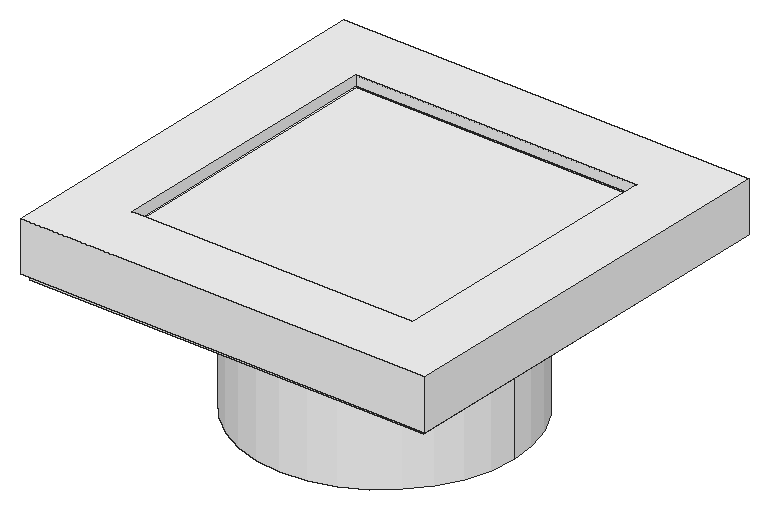
Revit family "Gira_284403", category Electrical Fixtures, host Face, Revit 2017
Family settings
  Host = Face
  Maintain Annotation Orientation = Yes
  Round Connector Dimension = Use Diameter
  Part Type = Normal
  Cut with Voids When Loaded = No
  Shared = No
  Room Calculation Point = No
Parameters (values of type "Wipptaster BS 3f Schließer System 55 Reinweiß")
  Zusammenstellung = "Basiselement mit Adapterplatte"
  White [instance] = White
  Werkstoffgüte = "sonstige"
  Werkstoff = "sonstige"
  URL = "http://katalog.gira.de/de_DE/datenblatt.html?artikelnr=284403"
  Transparent = "No"
  Textfeld/Beschriftungsfläche = "No"
  Region = "DE"
  RAL-Nummer (ähnlich) = "9010 "
  Oberfläche = "sonstige"
  Name = "Wipptaster BS 3f Schließer System 55 Reinweiß"
  Montageart = "unter Putz"
  Model = "Sys55_Komplettgerät_Schalten und Tasten"
  Mit Beleuchtung = "No"
  Manufacturer URL = "https://www.gira.de/"
  Kontakte = "sonstige"
  HeinzeBIM = "https://bimportal.heinze.de/bim/wipptaster-bs-3f-schliesser-system-55-reinweiss/642d79fcd8ff5a669a9b2d2db76943cb1863533a"
  Halogenfrei = "Yes"
  HAN = "284403"
  Geeignet für Schutzart (IP) = "IP20"
  GTIN = "4010337082040"
  Farbe = "weiß"
  Default Elevation = 1219.2 mm
  Data sheet (1) = "https://katalog.gira.de/de_DE/download.html?artikelnr=284403"
  Category = "Taster"
  Befestigungsart = "Krallen-/Schraubbefestigung"
  Bedienungsart = "Wippe"
  Available = "Yes"
  Ausführung = "Gruppentaster"
  Aufdruck = "ohne"
  Anzahl der Betätigungswippen = "3 "
Reference planes
  plane 1 "Center (Front/Back)": y = 0
  plane 2: z = 0
  plane 3 "Center (Left/Right)": x = 0
Forms (mm)
  Extrusion 1, solid, material "White" <- "White", detail levels medium
    sketch origin (0, 0, 0) x (1, 0, 0) y (0, 1, 0)
      loop
        line (-40.4, 40.4) -> (-40.4, -40.4) -> (40.4, -40.4) -> (40.4, 40.4) -> (-40.4, 40.4)
      loop
        line (-28, 28) -> (-28, -28) -> (28, -28) -> (28, 28) -> (-28, 28)
    from 0 to 10
  Extrusion 2, solid, material "White" <- "White", detail levels fine
    sketch origin (0, 0, 0) x (1, 0, 0) y (0, 1, 0)
      loop
        line (-40.4, 40.4) -> (-40.4, -40.4) -> (40.4, -40.4) -> (40.4, 40.4) -> (-40.4, 40.4)
      loop
        line (-28, 28) -> (-28, -28) -> (28, -28) -> (28, 28) -> (-28, 28)
    from 0 to 10
  Extrusion 3, void
    sketch origin (0, 0, 0) x (1, 0, 0) y (0, 1, 0)
      loop
        line (-38.4, 38.4) -> (-38.4, -38.4) -> (38.4, -38.4) -> (38.4, 38.4) -> (-38.4, 38.4)
    from 0 to 8
  Extrusion 4, solid, material "White" <- "White", detail levels medium+fine
    sketch origin (0, 0, 0) x (1, 0, 0) y (0, 1, 0)
      loop
        line (-39.4, 39.4) -> (-39.4, -39.4) -> (39.4, -39.4) -> (39.4, 39.4) -> (-39.4, 39.4)
    from 0 to -1
  Extrusion 5, solid, material "White" <- "White", detail levels medium+fine
    sketch origin (0, 0, 0) x (1, 0, 0) y (0, 1, 0)
      loop
        line (-35.5, 35.5) -> (-35.5, -35.5) -> (35.5, -35.5) -> (35.5, 35.5) -> (-35.5, 35.5)
    from -2 to -3
  Extrusion 6, solid, material "White" <- "White", detail levels medium+fine
    sketch origin (0, 0, 0) x (1, 0, 0) y (0, 1, 0)
      loop
        circle (0, 0) r 26
    from 0 to -27.5
  Extrusion 7, solid, material "White" <- "White", detail levels coarse
    sketch origin (0, 0, 0) x (1, 0, 0) y (0, 1, 0)
      loop
        line (-40.4, 40.4) -> (-40.4, -40.4) -> (40.4, -40.4) -> (40.4, 40.4) -> (-40.4, 40.4)
    from -27.5 to 10
Cuts and joins
  Extrusion 3 cuts Extrusion 2
Dimensions and locks
  aligned and locked: plane 2 to host face
  aligned and locked: level to host face
  aligned and locked: plane 3 "Center (Left/Right)" to nested 2
  aligned and locked: plane 1 "Center (Front/Back)" to nested 2
Nested families
  nested 1: "Sys55_Abdeckung_Schalten und Tasten_floor_base" at (0, 0, 0), type "Sys55_Abdeckung_Schalten und Tasten_floor_base"
  nested 2: "Schalter" at (0, 0, 0), type "Schalter"
Connectors
  electrical at (0, 0, -27.5)
    settings: on Extrusion 6, index 1, voltage 220 V, apparent load 0 VA, apparent load phase1 0 VA, apparent load phase2 0 VA, apparent load phase3 0 VA, power factor 1, load classification "Other", number of poles 1, system type 30, power factor state 1, is connector primary yes, connector utility no, sub classification motor no, connector description ""
Definition of nested family "Sys55_Abdeckung_Schalten und Tasten_floor_base"
  Parameters
    Default Elevation = 1219.2 mm
    White [instance] = none
  Reference planes
    plane 1 "Center (Front/Back)": y = 0
    plane 2: z = 0
    plane 3 "Center (Left/Right)": x = 0
  Forms (mm)
    Extrusion 1, solid
      sketch origin (0, 0, 0) x (1, 0, 0) y (0, 1, 0)
        loop
          line (-1219.2, 1219.2) -> (-1219.2, -1219.2) -> (1219.2, -1219.2) -> (1219.2, 1219.2) -> (-1219.2, 1219.2)
      from 0 to -304.8
    Extrusion 2, solid, material <- "White", detail levels fine
      sketch origin (0, 0, 0) x (1, 0, 0) y (0, 1, 0)
        loop
          line (-27.5, 27.5) -> (-27.5, -27.5) -> (27.5, -27.5) -> (27.5, 27.5) -> (-27.5, 27.5)
      from 0 to 8
    Extrusion 3, void
      sketch origin (0, 0, 0) x (1, 0, 0) y (0, 1, 0)
        loop
          line (26, 26) -> (-26, 26) -> (-26, -26) -> (26, -26) -> (26, 26)
      from 0 to 6
    Extrusion 4, solid, material <- "White", detail levels medium
      sketch origin (0, 0, 0) x (1, 0, 0) y (0, 1, 0)
        loop
          line (-27.5, 27.5) -> (-27.5, -27.5) -> (27.5, -27.5) -> (27.5, 27.5) -> (-27.5, 27.5)
      from 0 to 8
    Extrusion 5, solid, material <- "White", detail levels medium
      sketch origin (0, 0, 0) x (1, 0, 0) y (0, 1, 0)
        loop
          line (11, -17.5) -> (11, 17.5) -> (-11, 17.5) -> (-11, -17.5) -> (11, -17.5)
      from -6 to 6
    Extrusion 6, solid, material <- "White", detail levels fine
      sketch origin (0, 0, 0) x (1, 0, 0) y (0, 1, 0)
        loop
          line (11, 17.5) -> (-11, 17.5) -> (-11, 16.5) -> (11, 16.5) -> (11, 17.5)
        loop
          line (-11, -16.5) -> (-11, -17.5) -> (11, -17.5) -> (11, -16.5) -> (-11, -16.5)
      from -4 to 6
    Extrusion 7, solid, material <- "White", detail levels fine
      sketch origin (0, 0, 0) x (1, 0, 0) y (0, 1, 0)
        loop
          arc (5, 9.347) -> (0, 10.6) -> (-5, 9.347) r 10.6
          line (-5, 9.347) -> (-5, -9.347)
          arc (-5, -9.347) -> (0, -10.6) -> (5, -9.347) r 10.6
          line (5, -9.347) -> (5, 9.347)
      from -6 to 6
    Extrusion 8, solid, material <- "White", detail levels coarse
      sketch origin (0, 0, 0) x (1, 0, 0) y (0, 1, 0)
        loop
          line (-27.5, 27.5) -> (-27.5, -27.5) -> (27.5, -27.5) -> (27.5, 27.5) -> (-27.5, 27.5)
      from -6 to 8
  Cuts and joins
    Extrusion 3 cuts Extrusion 2
  Dimensions and locks
    aligned and locked: plane 2 to Extrusion 1
    aligned and locked: level to Extrusion 1
Definition of nested family "Schalter"
  Reference planes
    plane 1: y = 0
    plane 2: x = 0
  Lines and regions (mm)
    detail lines
      curve 1: circle (1.375, 2.778, 0) r 0.8 normal (0, 0, 1)
      curve 2: line (1.021, 2.061, 0) -> (0, 0, 0)
      curve 3: line (0, 0, 0) -> (-0.538, 0.266, 0)
  Dimensions and locks
    curve 2 to curve 2 = 2.3 mm
    curve 3 to curve 2 = 0.6 mm
    radius of curve 1 = 0.8 mm
